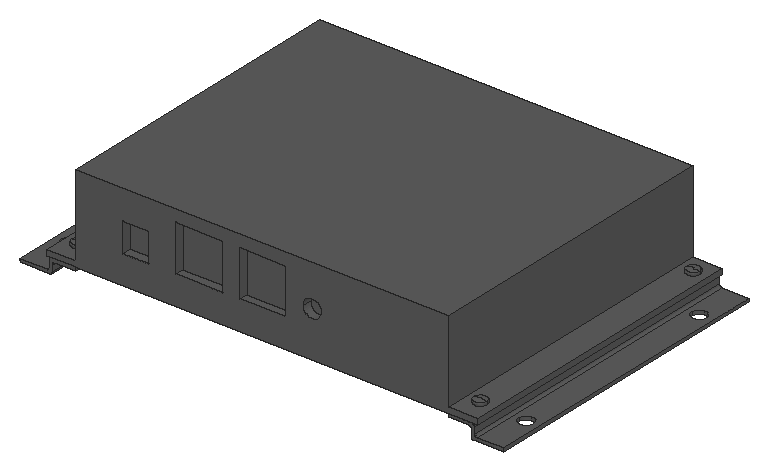
Revit family "Electronics_Commercial-Audio_Biamp_Digital-Priority-Emergency-Extender_Dipex", category Communication Devices, host Face, Revit 2020
Family settings
  Host = Face
  Maintain Annotation Orientation = No
  Round Connector Dimension = Use Diameter
  Part Type = Normal
  OmniClass Number = 23.85.10.11.14
  OmniClass Title = Audio Equipment
  Cut with Voids When Loaded = No
  Shared = No
  Room Calculation Point = No
Parameters (values of type "DIPEX")
  Zones = "Up to 24"  # constant formula
  Width = 0' - 5.03937"  # constant formula
  Weight = 0.771618 lbf  # constant formula
  Voltage = 24 V
  URL = "https://www.biamp.com/"
  Supported main unit = "AUDIOCONTROL12.8"  # constant formula
  Sensitivity = "100mV - 1V RMS (0 dBV)"  # constant formula
  Product data url = "https://www.bimobject.com/biamp/product/dipex_commercial-audio-control-interface"
  Product Page URL = "https://www.biamp.com/products/product-families/commercial-audio/control-interfaces#dipex"
  Product Documentation Link = "https://downloads.biamp.com/assets/docs/default-source/accessories/biamp_data_sheet_dipex_aug20.pdf"
  Power type = "Phantom or external power supply"  # constant formula
  Power Factor = 1
  Number of Poles = 1
  Model = "DIPEX"  # constant formula
  Max Power Consumption = 0 W
  Manufacturer = "Biamp"  # constant formula
  Inputs = "Bal. line"  # constant formula
  Input impedance in Ohm = "100k"  # constant formula
  Indicator = "Power - status"  # constant formula
  Housing Material = Biamp - Metal - Black
  Height = 0' - 1.37795"  # constant formula
  Frequency range = "20 Hz - 20 kHz"  # constant formula
  Description = "DIPEX Digital Priority/Emergency Extender for AUDIOCONTROL12.8"  # constant formula
  Depth = 0' - 4.13386"  # constant formula
  Default Elevation = 4' - 0"
  Current = 0.00075 A  # constant formula
  Connector Description = "24 VDC jack; Power"  # constant formula
  Cable type = "CAT5"  # constant formula
  Buttons = "1 test button"  # constant formula
  Apparent Load = Voltage * Current  # 0.018 VA
Reference planes (in)
  plane 1 "Center (Front/Back)": y = 0
  plane 2: z = 0
  plane 3 "Center (Left/Right)": x = 0
Forms (in)
  Extrusion 1, solid, material "Biamp - Metal - Black" <- "Housing Material", detail levels fine
    sketch origin (0, 0, 0) x (1, 0, 0) y (0, 0, 1)
      loop
        line (2.51969, 1.37795) -> (-2.51969, 1.37795) -> (-2.51969, 0.27559) -> (-2.91339, 0.27559) -> (-2.91339, 0.19867) -> (2.91339, 0.19867) -> (2.91339, 0.27559) -> (2.51969, 0.27559) -> (2.51969, 1.37795)
    from -2.06693 to 2.06693
  Extrusion 2, solid, material "Biamp - Metal - Black" <- "Housing Material", detail levels fine
    sketch origin (0, 0, 0) x (1, 0, 0) y (0, 0, 1)
      loop
        line (2.51969, 0.19867) -> (2.51969, 0.15748) -> (2.79762, 0.15748)
        arc (2.79762, 0.15748) -> (2.82267, 0.1471) -> (2.83305, 0.12205) r 0.03543
        line (2.83305, 0.12205) -> (2.83305, 0.034)
        arc (2.83305, 0.034) -> (2.84301, 0.00996) -> (2.86705, 0) r 0.034
        line (2.86705, 0) -> (3.26758, 0) -> (3.26758, 0.03958) -> (2.90851, 0.03958)
        arc (2.90851, 0.03958) -> (2.88402, 0.04972) -> (2.87388, 0.07421) r 0.03463
        line (2.87388, 0.07421) -> (2.87388, 0.16462)
        arc (2.87388, 0.16462) -> (2.8639, 0.1887) -> (2.83983, 0.19867) r 0.03404
        line (2.83983, 0.19867) -> (2.51969, 0.19867)
      loop
        line (-2.51969, 0.19867) -> (-2.83983, 0.19867)
        arc (-2.83983, 0.19867) -> (-2.8639, 0.1887) -> (-2.87388, 0.16462) r 0.03404
        line (-2.87388, 0.16462) -> (-2.87388, 0.07421)
        arc (-2.87388, 0.07421) -> (-2.88402, 0.04972) -> (-2.90851, 0.03958) r 0.03463
        line (-2.90851, 0.03958) -> (-3.26758, 0.03958) -> (-3.26758, 0) -> (-2.86705, 0)
        arc (-2.86705, 0) -> (-2.84301, 0.00996) -> (-2.83305, 0.034) r 0.034
        line (-2.83305, 0.034) -> (-2.83305, 0.12205)
        arc (-2.83305, 0.12205) -> (-2.82267, 0.1471) -> (-2.79762, 0.15748) r 0.03543
        line (-2.79762, 0.15748) -> (-2.51969, 0.15748) -> (-2.51969, 0.19867)
    from -2.06693 to 2.06693
  Revolve 3, solid, material "Biamp - Metal - Black" <- "Housing Material", detail levels fine
    sketch origin (0, -1.77165, 0) x (1, 0, 0) y (0, 0, 1)
      loop
        arc (2.8028, 0.27559) -> (2.80644, 0.2933) -> (2.8028, 0.31101) r 0.04491
        arc (2.8028, 0.31101) -> (2.76008, 0.31991) -> (2.71654, 0.3229) r 0.31884
        line (2.71654, 0.3229) -> (2.71654, 0.12752) -> (2.75458, 0.12752) -> (2.75458, 0.27559) -> (2.8028, 0.27559)
      axis (2.71654, 0.12752) -> (2.71654, 0.3229)
    angle from 0 to 360
  Revolve 4, solid, material "Biamp - Metal - Black" <- "Housing Material", detail levels fine
    sketch origin (0, 1.82437, 0) x (1, 0, 0) y (0, 0, 1)
      loop
        arc (2.8028, 0.27559) -> (2.80644, 0.2933) -> (2.8028, 0.31101) r 0.04491
        arc (2.8028, 0.31101) -> (2.76008, 0.31991) -> (2.71654, 0.3229) r 0.31884
        line (2.71654, 0.3229) -> (2.71654, 0.12752) -> (2.75458, 0.12752) -> (2.75458, 0.27559) -> (2.8028, 0.27559)
      axis (2.71654, 0.12752) -> (2.71654, 0.3229)
    angle from 0 to 360
  Revolve 5, solid, material "Biamp - Metal - Black" <- "Housing Material", detail levels fine
    sketch origin (0, -1.77165, 0) x (-1, 0, 0) y (0, 0, -1)
      loop
        line (2.8028, -0.27559) -> (2.75458, -0.27559) -> (2.75458, -0.12752) -> (2.71654, -0.12752) -> (2.71654, -0.3229)
        arc (2.71654, -0.3229) -> (2.76008, -0.31991) -> (2.8028, -0.31101) r 0.31884
        arc (2.8028, -0.31101) -> (2.80644, -0.2933) -> (2.8028, -0.27559) r 0.04491
      axis (2.71654, -0.12752) -> (2.71654, -0.3229)
    angle from 0 to 360
  Revolve 6, solid, material "Biamp - Metal - Black" <- "Housing Material", detail levels fine
    sketch origin (0, 1.82437, 0) x (-1, 0, 0) y (0, 0, -1)
      loop
        line (2.8028, -0.27559) -> (2.75458, -0.27559) -> (2.75458, -0.12752) -> (2.71654, -0.12752) -> (2.71654, -0.3229)
        arc (2.71654, -0.3229) -> (2.76008, -0.31991) -> (2.8028, -0.31101) r 0.31884
        arc (2.8028, -0.31101) -> (2.80644, -0.2933) -> (2.8028, -0.27559) r 0.04491
      axis (2.71654, -0.12752) -> (2.71654, -0.3229)
    angle from 0 to 360
  Extrusion 7, void
    sketch origin (3.07579, 0, 0) x (1, 0, 0) y (0, 0, 1)
      loop
        circle (-1.45035, 0.8174) r 0.19685
    from -2.06693 to -1.77093
  Extrusion 8, solid, material "Biamp - Plastic - Black", detail levels fine
    sketch origin (0, 0, 0) x (1, 0, 0) y (0, 0, 1)
      loop
        circle (1.62544, 0.8174) r 0.18504
    from -2.3622 to -1.77093
  Extrusion 9, void
    sketch origin (0, 0, 0) x (1, 0, 0) y (0, 1, 0)
      loop
        circle (3.08804, 1.46112) r 0.10056
      loop
        circle (3.08804, -1.46112) r 0.10056
      loop
        circle (-3.08804, 1.46112) r 0.10056
      loop
        circle (-3.08804, -1.46112) r 0.10056
    from -0.33322 to 0.3937
  Extrusion 10, solid, material "Biamp - Metal - Black" <- "Housing Material", detail levels coarse+medium
    sketch origin (0, 0, 0) x (1, 0, 0) y (0, 0, 1)
      loop
        line (2.51969, 1.37795) -> (-2.51969, 1.37795) -> (-2.51969, 0.27559) -> (-2.91339, 0.27559) -> (-2.91339, 0.19867) -> (2.91339, 0.19867) -> (2.91339, 0.27559) -> (2.51969, 0.27559) -> (2.51969, 1.37795)
    from -2.06693 to 2.06693
  Extrusion 11, solid, material "Biamp - Metal - Black" <- "Housing Material", detail levels coarse+medium
    sketch origin (0, 0, 0) x (1, 0, 0) y (0, 0, 1)
      loop
        line (2.51969, 0.19867) -> (2.51969, 0.15748) -> (2.79762, 0.15748)
        arc (2.79762, 0.15748) -> (2.82267, 0.1471) -> (2.83305, 0.12205) r 0.03543
        line (2.83305, 0.12205) -> (2.83305, 0.034)
        arc (2.83305, 0.034) -> (2.84301, 0.00996) -> (2.86705, 0) r 0.034
        line (2.86705, 0) -> (3.26758, 0) -> (3.26758, 0.03958) -> (2.90851, 0.03958)
        arc (2.90851, 0.03958) -> (2.88402, 0.04972) -> (2.87388, 0.07421) r 0.03463
        line (2.87388, 0.07421) -> (2.87388, 0.16462)
        arc (2.87388, 0.16462) -> (2.8639, 0.1887) -> (2.83983, 0.19867) r 0.03404
        line (2.83983, 0.19867) -> (2.51969, 0.19867)
      loop
        line (-2.51969, 0.19867) -> (-2.83983, 0.19867)
        arc (-2.83983, 0.19867) -> (-2.8639, 0.1887) -> (-2.87388, 0.16462) r 0.03404
        line (-2.87388, 0.16462) -> (-2.87388, 0.07421)
        arc (-2.87388, 0.07421) -> (-2.88402, 0.04972) -> (-2.90851, 0.03958) r 0.03463
        line (-2.90851, 0.03958) -> (-3.26758, 0.03958) -> (-3.26758, 0) -> (-2.86705, 0)
        arc (-2.86705, 0) -> (-2.84301, 0.00996) -> (-2.83305, 0.034) r 0.034
        line (-2.83305, 0.034) -> (-2.83305, 0.12205)
        arc (-2.83305, 0.12205) -> (-2.82267, 0.1471) -> (-2.79762, 0.15748) r 0.03543
        line (-2.79762, 0.15748) -> (-2.51969, 0.15748) -> (-2.51969, 0.19867)
    from -2.06693 to 2.06693
  Extrusion 12, void
    sketch origin (0, -2.06693, 0) x (-1, 0, 0) y (0, 0, 1)
      loop
        line (1.87744, 0.98705) -> (1.52682, 0.98705) -> (1.52682, 0.59335) -> (1.87744, 0.59335) -> (1.87744, 0.98705)
      loop
        line (1.16102, 0.59335) -> (1.16102, 1.22081) -> (0.53356, 1.22081) -> (0.53356, 0.59335) -> (1.16102, 0.59335)
      loop
        line (0.2998, 0.59335) -> (0.2998, 1.22081) -> (-0.32766, 1.22081) -> (-0.32766, 0.59335) -> (0.2998, 0.59335)
      loop
        circle (-0.68449, 0.82215) r 0.12417
    from 0 to 0.11811
  Extrusion 13, void
    sketch origin (0, -2.06693, 0) x (-1, 0, 0) y (0, 0, 1)
      loop
        line (-0.88072, 0.9568) -> (-0.88072, 0.65807) -> (0.39165, 0.65807) -> (0.39165, 0.9568) -> (-0.88072, 0.9568)
    from 3.93701 to 4.13386
Cuts and joins
  Extrusion 7, Extrusion 12, Extrusion 13 cuts Extrusion 1
  Extrusion 9 cuts Extrusion 2
  Extrusion 12, Extrusion 13 cuts Extrusion 10
Lines and regions (in)
  Masking region 1
    outline origin (0, 0, 0) x (1, 0, 0) y (0, 1, 0)
      loop
        line (-3.26758, 2.06693) -> (-3.26758, -2.06693) -> (3.26758, -2.06693) -> (3.26758, 2.06693) -> (-3.26758, 2.06693)
  Masking region 2
    outline origin (0, 0, 0) x (1, 0, 0) y (0, 1, 0)
      loop
        line (1.4404, 2.3622) -> (1.4404, 2.06693) -> (1.82229, 2.06693) -> (1.82229, 2.3622) -> (1.4404, 2.3622)
  Masking region 3
    outline origin (0, 0, 0) x (1, 0, 0) y (0, 0, 1)
      loop
        line (2.91339, 0.19867) -> (2.91339, 0.27559) -> (2.51969, 0.27559) -> (2.51969, 1.37795) -> (-2.51969, 1.37795) -> (-2.51969, 0.27559) -> (-2.91339, 0.27559) -> (-2.91339, 0.19867) -> (2.91339, 0.19867)
  Masking region 4
    outline origin (0, 0, 0) x (1, 0, 0) y (0, 0, 1)
      loop
        line (2.51969, 0.19867) -> (2.51969, 0.15748) -> (2.79762, 0.15748)
        arc (2.79762, 0.15748) -> (2.82267, 0.1471) -> (2.83305, 0.12205) r 0.03543
        line (2.83305, 0.12205) -> (2.83305, 0.034)
        arc (2.83305, 0.034) -> (2.84301, 0.00996) -> (2.86705, 0) r 0.034
        line (2.86705, 0) -> (3.26758, 0) -> (3.26758, 0.03958) -> (2.90851, 0.03958)
        arc (2.90851, 0.03958) -> (2.88402, 0.04972) -> (2.87388, 0.07421) r 0.03463
        line (2.87388, 0.07421) -> (2.87388, 0.16462)
        arc (2.87388, 0.16462) -> (2.8639, 0.1887) -> (2.83983, 0.19867) r 0.03404
        line (2.83983, 0.19867) -> (2.51969, 0.19867)
      loop
        line (-2.51969, 0.19867) -> (-2.83983, 0.19867)
        arc (-2.83983, 0.19867) -> (-2.8639, 0.1887) -> (-2.87388, 0.16462) r 0.03404
        line (-2.87388, 0.16462) -> (-2.87388, 0.07421)
        arc (-2.87388, 0.07421) -> (-2.88402, 0.04972) -> (-2.90851, 0.03958) r 0.03463
        line (-2.90851, 0.03958) -> (-3.26758, 0.03958) -> (-3.26758, 0) -> (-2.86705, 0)
        arc (-2.86705, 0) -> (-2.84301, 0.00996) -> (-2.83305, 0.034) r 0.034
        line (-2.83305, 0.034) -> (-2.83305, 0.12205)
        arc (-2.83305, 0.12205) -> (-2.82267, 0.1471) -> (-2.79762, 0.15748) r 0.03543
        line (-2.79762, 0.15748) -> (-2.51969, 0.15748) -> (-2.51969, 0.19867)
Dimensions and locks (in)
  aligned and locked: plane 2 to host face
  aligned and locked: level to host face
Connectors (in)
  electrical at (-1.70213, -1.94882, 0.7902), driven by "Number of Poles", driven by "Voltage", driven by "Apparent Load", driven by "Power Factor", driven by "Connector Description"
    settings: on cut or joined group of Extrusion 1, Extrusion 7, Extrusion 12, Extrusion 13, index 1, voltage 24 V, apparent load 0 VA, apparent load phase1 0.018 VA, apparent load phase2 0 VA, apparent load phase3 0 VA, power factor 1, load classification "Other", number of poles 1, system type 31, power factor state 1, is connector primary yes, connector utility no, sub classification motor no, connector description "24 VDC jack; Power"
  electrical at (-0.84729, -1.94882, 0.90708)
    settings: on cut or joined group of Extrusion 1, Extrusion 7, Extrusion 12, Extrusion 13, index 2, voltage 0 V, apparent load 0 VA, apparent load phase1 0 VA, apparent load phase2 0 VA, apparent load phase3 0 VA, power factor 1, load classification "Other", number of poles 1, system type 5, power factor state 1, is connector primary no, connector utility no, sub classification motor no, connector description "RJ45; Output"
  electrical at (0.01393, -1.94882, 0.90708)
    settings: on cut or joined group of Extrusion 1, Extrusion 7, Extrusion 12, Extrusion 13, index 3, voltage 0 V, apparent load 0 VA, apparent load phase1 0 VA, apparent load phase2 0 VA, apparent load phase3 0 VA, power factor 1, load classification "Other", number of poles 1, system type 5, power factor state 1, is connector primary no, connector utility no, sub classification motor no, connector description "RJ45; Input"
  electrical at (0.6065, 1.87008, 0.8093)
    settings: on Extrusion 13, index 4, voltage 0 V, apparent load 0 VA, apparent load phase1 0 VA, apparent load phase2 0 VA, apparent load phase3 0 VA, power factor 1, load classification "Other", number of poles 1, system type 5, power factor state 1, is connector primary no, connector utility no, sub classification motor no, connector description "Euroblock 2-pin; Signal Input"
  electrical at (-0.06264, 1.87008, 0.8093)
    settings: on Extrusion 13, index 5, voltage 0 V, apparent load 0 VA, apparent load phase1 0 VA, apparent load phase2 0 VA, apparent load phase3 0 VA, power factor 1, load classification "Other", number of poles 1, system type 5, power factor state 1, is connector primary no, connector utility no, sub classification motor no, connector description "Euroblock 3-pin; Trigger Input"
